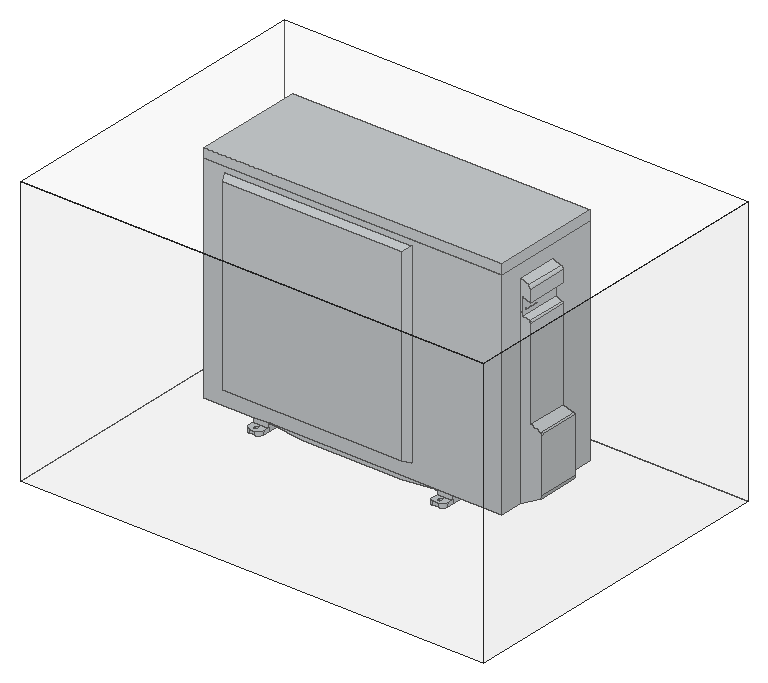
Revit family "puz-ermp40_63ska16_60hz", category 機械設備, Revit 2023 (continued)
Definition of nested family "PUZ-EZRMP-1"
  Lines and regions (mm)
    model lines, visible <- "タイプ1", detail levels fine
      curve 339: arc (-404.5, -15, 59) -> (-404.5, -11.464, 60.464) -> (-404.5, -10, 64) r 5
      curve 340: arc (-404.5, -95, 79) -> (-404.5, -98.536, 77.536) -> (-404.5, -100, 74) r 5
      curve 341: arc (-404.5, -100, 64) -> (-404.5, -98.536, 60.464) -> (-404.5, -95, 59) r 5
    model lines, visible <- "タイプ3", not visible
      curve 342: line (-404.5, -100, 907) -> (-404.5, -60, 907)
      curve 343: line (-404.5, -100, 1097) -> (-404.5, -100, 907)
      curve 344: line (-404.5, -60, 1097) -> (-404.5, -100, 1097)
      curve 345: line (-404.5, -60, 907) -> (-404.5, -60, 1097)
      curve 346: line (-404.5, 60, 907) -> (-404.5, 100, 907)
      curve 347: line (-404.5, 60, 1097) -> (-404.5, 60, 907)
      curve 348: line (-404.5, 100, 1097) -> (-404.5, 60, 1097)
      curve 349: line (-404.5, 100, 907) -> (-404.5, 100, 1097)
      curve 350: line (-404.5, -46.667, 907) -> (-404.5, -6.667, 907)
      curve 351: line (-404.5, -46.667, 1097) -> (-404.5, -46.667, 907)
      curve 352: line (-404.5, -6.667, 1097) -> (-404.5, -46.667, 1097)
      curve 353: line (-404.5, -6.667, 907) -> (-404.5, -6.667, 1097)
      curve 354: line (-404.5, 6.667, 907) -> (-404.5, 46.667, 907)
      curve 355: line (-404.5, 6.667, 1097) -> (-404.5, 6.667, 907)
      curve 356: line (-404.5, 46.667, 1097) -> (-404.5, 6.667, 1097)
      curve 357: line (-404.5, 46.667, 907) -> (-404.5, 46.667, 1097)
      curve 358: line (-404.5, -100, 1112) -> (-404.5, -60, 1112)
      curve 359: line (-404.5, -100, 1302) -> (-404.5, -100, 1112)
      curve 360: line (-404.5, -60, 1302) -> (-404.5, -100, 1302)
      curve 361: line (-404.5, -60, 1112) -> (-404.5, -60, 1302)
      curve 362: line (-404.5, 60, 1112) -> (-404.5, 100, 1112)
      curve 363: line (-404.5, 60, 1302) -> (-404.5, 60, 1112)
      curve 364: line (-404.5, 100, 1302) -> (-404.5, 60, 1302)
      curve 365: line (-404.5, 100, 1112) -> (-404.5, 100, 1302)
      curve 366: line (-404.5, -46.667, 1112) -> (-404.5, -6.667, 1112)
      curve 367: line (-404.5, -46.667, 1302) -> (-404.5, -46.667, 1112)
      curve 368: line (-404.5, -6.667, 1302) -> (-404.5, -46.667, 1302)
      curve 369: line (-404.5, -6.667, 1112) -> (-404.5, -6.667, 1302)
      curve 370: line (-404.5, 6.667, 1112) -> (-404.5, 46.667, 1112)
      curve 371: line (-404.5, 6.667, 1302) -> (-404.5, 6.667, 1112)
      curve 372: line (-404.5, 46.667, 1302) -> (-404.5, 6.667, 1302)
      curve 373: line (-404.5, 46.667, 1112) -> (-404.5, 46.667, 1302)
    model lines, visible <- "タイプ2", not visible
      curve 374: line (-600, -100, 33.5) -> (-600, -60, 33.5)
      curve 375: line (-600, -100, 73.5) -> (-600, -100, 33.5)
      curve 376: line (-600, -60, 73.5) -> (-600, -100, 73.5)
      curve 377: line (-600, -60, 33.5) -> (-600, -60, 73.5)
      curve 378: line (-600, 60, 33.5) -> (-600, 100, 33.5)
      curve 379: line (-600, 60, 73.5) -> (-600, 60, 33.5)
      curve 380: line (-600, 100, 73.5) -> (-600, 60, 73.5)
      curve 381: line (-600, 100, 33.5) -> (-600, 100, 73.5)
      curve 382: line (-509, -46.667, 33.5) -> (-509, -6.667, 33.5)
      curve 383: line (-509, -46.667, 73.5) -> (-509, -46.667, 33.5)
      curve 384: line (-509, -6.667, 73.5) -> (-509, -46.667, 73.5)
      curve 385: line (-509, -6.667, 33.5) -> (-509, -6.667, 73.5)
      curve 386: line (-509, 6.667, 33.5) -> (-509, 46.667, 33.5)
      curve 387: line (-509, 6.667, 73.5) -> (-509, 6.667, 33.5)
      curve 388: line (-509, 46.667, 73.5) -> (-509, 6.667, 73.5)
      curve 389: line (-509, 46.667, 33.5) -> (-509, 46.667, 73.5)
      curve 483: line (-404.5, -100, 33.5) -> (-404.5, -60, 33.5)
      curve 484: line (-404.5, -100, 73.5) -> (-404.5, -100, 33.5)
      curve 485: line (-404.5, -60, 73.5) -> (-404.5, -100, 73.5)
      curve 486: line (-404.5, -60, 33.5) -> (-404.5, -60, 73.5)
      curve 487: line (-404.5, 60, 33.5) -> (-404.5, 100, 33.5)
      curve 488: line (-404.5, 60, 73.5) -> (-404.5, 60, 33.5)
      curve 489: line (-404.5, 100, 73.5) -> (-404.5, 60, 73.5)
      curve 490: line (-404.5, 100, 33.5) -> (-404.5, 100, 73.5)
      curve 491: line (-404.5, -46.667, 33.5) -> (-404.5, -6.667, 33.5)
      curve 492: line (-404.5, -46.667, 73.5) -> (-404.5, -46.667, 33.5)
      curve 493: line (-404.5, -6.667, 73.5) -> (-404.5, -46.667, 73.5)
      curve 494: line (-404.5, -6.667, 33.5) -> (-404.5, -6.667, 73.5)
      curve 495: line (-404.5, 6.667, 33.5) -> (-404.5, 46.667, 33.5)
      curve 496: line (-404.5, 6.667, 73.5) -> (-404.5, 6.667, 33.5)
      curve 497: line (-404.5, 46.667, 73.5) -> (-404.5, 6.667, 73.5)
      curve 498: line (-404.5, 46.667, 33.5) -> (-404.5, 46.667, 73.5)
    model lines, not visible
      curve 390: line (-404.5, -100, 87) -> (-404.5, -60, 87)
      curve 391: line (-404.5, -100, 277) -> (-404.5, -100, 87)
      curve 392: line (-404.5, -60, 277) -> (-404.5, -100, 277)
      curve 393: line (-404.5, -60, 87) -> (-404.5, -60, 277)
      curve 394: line (-404.5, -100, 292) -> (-404.5, -60, 292)
      curve 395: line (-404.5, -100, 482) -> (-404.5, -100, 292)
      curve 396: line (-404.5, -60, 482) -> (-404.5, -100, 482)
      curve 397: line (-404.5, -60, 292) -> (-404.5, -60, 482)
      curve 398: line (-404.5, -100, 497) -> (-404.5, -60, 497)
      curve 399: line (-404.5, -100, 687) -> (-404.5, -100, 497)
      curve 400: line (-404.5, -60, 687) -> (-404.5, -100, 687)
      curve 401: line (-404.5, -60, 497) -> (-404.5, -60, 687)
      curve 402: line (-404.5, -100, 702) -> (-404.5, -60, 702)
      curve 403: line (-404.5, -100, 892) -> (-404.5, -100, 702)
      curve 404: line (-404.5, -60, 892) -> (-404.5, -100, 892)
      curve 405: line (-404.5, -60, 702) -> (-404.5, -60, 892)
      curve 406: line (-404.5, 60, 87) -> (-404.5, 100, 87)
      curve 407: line (-404.5, 60, 277) -> (-404.5, 60, 87)
      curve 408: line (-404.5, 100, 277) -> (-404.5, 60, 277)
      curve 409: line (-404.5, 100, 87) -> (-404.5, 100, 277)
      curve 410: line (-404.5, -46.667, 87) -> (-404.5, -6.667, 87)
      curve 411: line (-404.5, -46.667, 277) -> (-404.5, -46.667, 87)
      curve 412: line (-404.5, -6.667, 277) -> (-404.5, -46.667, 277)
      curve 413: line (-404.5, -6.667, 87) -> (-404.5, -6.667, 277)
      curve 414: line (-404.5, 6.667, 87) -> (-404.5, 46.667, 87)
      curve 415: line (-404.5, 6.667, 277) -> (-404.5, 6.667, 87)
      curve 416: line (-404.5, 46.667, 277) -> (-404.5, 6.667, 277)
      curve 417: line (-404.5, 46.667, 87) -> (-404.5, 46.667, 277)
      curve 418: line (-404.5, 60, 292) -> (-404.5, 100, 292)
      curve 419: line (-404.5, 60, 482) -> (-404.5, 60, 292)
      curve 420: line (-404.5, 100, 482) -> (-404.5, 60, 482)
      curve 421: line (-404.5, 100, 292) -> (-404.5, 100, 482)
      curve 422: line (-404.5, 60, 702) -> (-404.5, 100, 702)
      curve 423: line (-404.5, 60, 892) -> (-404.5, 60, 702)
      curve 424: line (-404.5, 100, 892) -> (-404.5, 60, 892)
      curve 425: line (-404.5, 100, 702) -> (-404.5, 100, 892)
      curve 426: line (-404.5, -46.667, 292) -> (-404.5, -6.667, 292)
      curve 427: line (-404.5, -46.667, 482) -> (-404.5, -46.667, 292)
      curve 428: line (-404.5, -6.667, 482) -> (-404.5, -46.667, 482)
      curve 429: line (-404.5, -6.667, 292) -> (-404.5, -6.667, 482)
      curve 430: line (-404.5, -46.667, 497) -> (-404.5, -6.667, 497)
      curve 431: line (-404.5, -46.667, 687) -> (-404.5, -46.667, 497)
      curve 432: line (-404.5, -6.667, 687) -> (-404.5, -46.667, 687)
      curve 433: line (-404.5, -6.667, 497) -> (-404.5, -6.667, 687)
      curve 434: line (-404.5, -46.667, 702) -> (-404.5, -6.667, 702)
      curve 435: line (-404.5, -46.667, 892) -> (-404.5, -46.667, 702)
      curve 436: line (-404.5, -6.667, 892) -> (-404.5, -46.667, 892)
      curve 437: line (-404.5, -6.667, 702) -> (-404.5, -6.667, 892)
      curve 438: line (-404.5, 6.667, 292) -> (-404.5, 46.667, 292)
      curve 439: line (-404.5, 6.667, 482) -> (-404.5, 6.667, 292)
      curve 440: line (-404.5, 46.667, 482) -> (-404.5, 6.667, 482)
      curve 441: line (-404.5, 46.667, 292) -> (-404.5, 46.667, 482)
      curve 442: line (-404.5, 6.667, 497) -> (-404.5, 46.667, 497)
      curve 443: line (-404.5, 6.667, 687) -> (-404.5, 6.667, 497)
      curve 444: line (-404.5, 46.667, 687) -> (-404.5, 6.667, 687)
      curve 445: line (-404.5, 46.667, 497) -> (-404.5, 46.667, 687)
      curve 446: line (-404.5, 6.667, 702) -> (-404.5, 46.667, 702)
      curve 447: line (-404.5, 6.667, 892) -> (-404.5, 6.667, 702)
      curve 448: line (-404.5, 46.667, 892) -> (-404.5, 6.667, 892)
      curve 449: line (-404.5, 46.667, 702) -> (-404.5, 46.667, 892)
      curve 450: line (-338.5, -173.2, 372.5) -> (149.5, -173.2, 372.5)
      curve 451: line (149.5, -173.2, 277.5) -> (-338.5, -173.2, 277.5)
      curve 452: line (-338.5, -173.2, 467.5) -> (149.5, -173.2, 467.5)
      curve 453: line (-338.5, -173.2, 562.5) -> (149.5, -173.2, 562.5)
      curve 454: line (149.5, -173.2, 182.5) -> (-338.5, -173.2, 182.5)
      curve 455: line (149.5, -173.2, 87.5) -> (-338.5, -173.2, 87.5)
      curve 456: line (-321.071, -173.2, 579) -> (-321.071, -173.2, 71)
      curve 457: line (132.071, -173.2, 71) -> (132.071, -173.2, 579)
      curve 458: line (-303.643, -173.2, 579) -> (-303.643, -173.2, 71)
      curve 459: line (-286.214, -173.2, 579) -> (-286.214, -173.2, 71)
      curve 460: line (-268.786, -173.2, 579) -> (-268.786, -173.2, 71)
      curve 461: line (-251.357, -173.2, 579) -> (-251.357, -173.2, 71)
      curve 462: line (-233.929, -173.2, 579) -> (-233.929, -173.2, 71)
      curve 463: line (-216.5, -173.2, 579) -> (-216.5, -173.2, 71)
      curve 464: line (-199.071, -173.2, 579) -> (-199.071, -173.2, 71)
      curve 465: line (-181.643, -173.2, 579) -> (-181.643, -173.2, 71)
      curve 466: line (-164.214, -173.2, 579) -> (-164.214, -173.2, 71)
      curve 467: line (-146.786, -173.2, 579) -> (-146.786, -173.2, 71)
      curve 468: line (-129.357, -173.2, 579) -> (-129.357, -173.2, 71)
      curve 469: line (-111.929, -173.2, 579) -> (-111.929, -173.2, 71)
      curve 470: line (-94.5, -173.2, 579) -> (-94.5, -173.2, 71)
      curve 471: line (-77.071, -173.2, 579) -> (-77.071, -173.2, 71)
      curve 472: line (-59.643, -173.2, 579) -> (-59.643, -173.2, 71)
      curve 473: line (-42.214, -173.2, 579) -> (-42.214, -173.2, 71)
      curve 474: line (-24.786, -173.2, 579) -> (-24.786, -173.2, 71)
      curve 475: line (-7.357, -173.2, 579) -> (-7.357, -173.2, 71)
      curve 476: line (10.071, -173.2, 579) -> (10.071, -173.2, 71)
      curve 477: line (27.5, -173.2, 579) -> (27.5, -173.2, 71)
      curve 478: line (44.929, -173.2, 579) -> (44.929, -173.2, 71)
      curve 479: line (62.357, -173.2, 579) -> (62.357, -173.2, 71)
      curve 480: line (79.786, -173.2, 579) -> (79.786, -173.2, 71)
      curve 481: line (97.214, -173.2, 579) -> (97.214, -173.2, 71)
      curve 482: line (114.643, -173.2, 579) -> (114.643, -173.2, 71)
    symbolic lines, visible <- "タイプ1"
      curve 499: line (-278.151, 150, 630) -> (-404.5, 150, 630)
      curve 500: line (-404.5, 150, 630) -> (-404.5, -5.599, 630)
      curve 501: line (-404.5, 40, 630) -> (-424.5, 30, 630)
      curve 502: line (-424.5, 30, 630) -> (-424.5, -30, 630)
      curve 503: line (-424.5, -30, 630) -> (-404.5, -40, 630)
      curve 504: line (-404.5, -5.599, 630) -> (-404.5, -150, 630)
      curve 505: line (-404.5, -150, 630) -> (-301.612, -150, 630)
      curve 506: arc (-272.806, -170, 630) -> (-268.124, -177.204, 630) -> (-260, -180, 630) r 13.2
      curve 507: line (-260, -180, 630) -> (-243.332, -180, 630)
      curve 508: arc (-243.332, -180, 630) -> (-235.208, -177.204, 630) -> (-230.526, -170, 630) r 13.2
      curve 509: line (-301.612, -150, 630) -> (280.999, -150, 630)
      curve 510: line (230, -150, 630) -> (230, -170, 630)
      curve 511: arc (230, -170, 630) -> (232.929, -177.071, 630) -> (240, -180, 630) r 10
      curve 512: line (240, -180, 630) -> (256.8, -180, 630)
      curve 513: arc (256.8, -180, 630) -> (266.134, -176.134, 630) -> (270, -166.8, 630) r 13.2
      curve 514: line (270, -166.8, 630) -> (270, -150, 630)
      curve 515: line (280.999, -150, 630) -> (404.5, -150, 630)
      curve 516: line (404.5, -150, 630) -> (404.5, -77.105, 630)
      curve 517: line (404.5, -90, 630) -> (466.5, -90, 630)
      curve 518: line (466.5, -90, 630) -> (466.5, 20, 630)
      curve 519: line (466.5, 20, 630) -> (404.5, 20, 630)
      curve 520: line (404.5, -77.105, 630) -> (404.5, 150, 630)
      curve 521: line (404.5, 150, 630) -> (308.975, 150, 630)
      curve 522: line (270, 150, 630) -> (270, 180, 630)
      curve 523: line (270, 180, 630) -> (230, 180, 630)
      curve 524: line (230, 180, 630) -> (230, 150, 630)
      curve 525: line (308.975, 150, 630) -> (-278.151, 150, 630)
      curve 526: line (-230, 150, 630) -> (-230, 180, 630)
      curve 527: line (-230, 180, 630) -> (-270, 180, 630)
      curve 528: line (-270, 180, 630) -> (-270, 150, 630)
      curve 529: line (-324.5, 100, 630) -> (324.5, 100, 630)
      curve 530: line (-324.5, 40, 630) -> (-324.5, 100, 630)
      curve 531: line (324.5, 40, 630) -> (-324.5, 40, 630)
      curve 532: line (324.5, 100, 630) -> (324.5, 40, 630)
      curve 533: line (324.5, 30, 630) -> (-324.5, 30, 630)
      curve 534: line (324.5, -30, 630) -> (324.5, 30, 630)
      curve 535: line (-324.5, -30, 630) -> (324.5, -30, 630)
      curve 536: line (-324.5, 30, 630) -> (-324.5, -30, 630)
      curve 537: line (-324.5, -40, 630) -> (324.5, -40, 630)
      curve 538: line (-324.5, -100, 630) -> (-324.5, -40, 630)
      curve 539: line (324.5, -100, 630) -> (-324.5, -100, 630)
      curve 540: line (324.5, -40, 630) -> (324.5, -100, 630)
      curve 541: line (339.5, 100, 630) -> (354.5, 100, 630)
      curve 542: line (339.5, -100, 630) -> (339.5, 100, 630)
      curve 543: line (354.5, -100, 630) -> (339.5, -100, 630)
      curve 544: line (354.5, 100, 630) -> (354.5, -100, 630)
      curve 545: line (-354.5, 100, 630) -> (-339.5, 100, 630)
      curve 546: line (-354.5, -100, 630) -> (-354.5, 100, 630)
      curve 547: line (-339.5, -100, 630) -> (-354.5, -100, 630)
      curve 548: line (-339.5, 100, 630) -> (-339.5, -100, 630)
      curve 549: line (-338.5, -170, 630) -> (149.5, -170, 630)
      curve 550: line (149.5, -170, 630) -> (159.5, -150, 630)
      curve 551: line (-348.5, -150, 630) -> (-338.5, -170, 630)
  Dimensions and locks
    equal spacing: plane 8, plane 1 "中心(正面/背面)", plane 7
    "奥行き": plane 8 to plane 7
    equal spacing: plane 5, plane 3 "中心(左/右)", plane 6
    "幅さ": plane 5 to plane 6
    "高さ": plane 4 to level
    locked: plane 6 to plane 9 at 62
    locked: plane 8 to plane 10 at 60
    locked: plane 8 to plane 11 at 170
    locked: plane 4 to plane 12 at 25
    locked: plane 13 to plane 5 at 20
    "吊りボルト-D": plane 17 to plane 16
    equal spacing: plane 17, plane 1 "中心(正面/背面)", plane 16
    equal spacing: plane 14, plane 3 "中心(左/右)", plane 15
    "吊りボルト-W": plane 14 to plane 15
    plane 21 to plane 14 to plane 20 = 20 mm locked, 20 mm locked
    plane 19 to plane 15 to plane 18 = 20 mm locked, 20 mm locked
    locked: plane 16 to plane 22 at 15
    locked: plane 23 to plane 17 at 15
    locked: plane 24 to level at 8.5
    locked: plane 25 to level at 20
    locked: plane 26 to plane 24 at 3
    locked: plane 4 to plane 29 at 5
    plane 7 to plane 1 "中心(正面/背面)" to plane 8 = 150 mm, 150 mm
    plane 31 to plane 1 "中心(正面/背面)" to plane 30 = 40 mm locked, 40 mm locked
    plane 33 to plane 1 "中心(正面/背面)" to plane 32 = 30 mm locked, 30 mm locked
    locked: plane 34 to plane 12 at 5
    locked: plane 35 to level at 55
    locked: plane 36 to level at 225
    equal spacing: plane 6, plane 39, plane 9
    locked: plane 6 to plane 38 at 10
    locked: plane 20 to plane 27 at 95
    locked: plane 28 to plane 19 at 95
    "換気-D": plane 40 to plane 8
    "換気-W": plane 41 to plane 5
    "換気-H1": plane 42 to level
    plane 43 to plane 41 to plane 44 = 254 mm locked, 254 mm locked
    plane 45 to plane 42 to plane 46 = 264 mm locked, 264 mm locked
    locked: plane 43 to plane 48 at 10
    locked: plane 47 to plane 44 at 10
    locked: plane 45 to plane 49 at 10
    locked: plane 50 to plane 46 at 10
    locked: curve 26 to plane 50 at 16.5
    locked: plane 49 to curve 24 at 16.5
    equal spacing: curve 24, curve 23, curve 21, curve 22, curve 25, curve 26
    equal spacing: plane 48, curve 28, curve 53, curve 52, curve 51, curve 50, curve 49, curve 48, curve 47, curve 46, curve 45, curve 44, curve 43, curve 42, curve 41, curve 40, curve 39, curve 38, curve 37, curve 36, curve 35, curve 34, curve 33, curve 32, curve 31, curve 30, curve 29, curve 27, plane 47
    locked: curve 4 to curve 6 at 10
    locked: curve 3 to curve 5 at 10
    locked: plane 51 to plane 7 at 50
    locked: plane 8 to plane 52 at 50
    equal spacing: group 1, group 2, group 3, group 4, group 5, group 6, group 7, group 8, group 9, group 10, group 11, group 12, group 13, group 14, group 15, group 16, group 17, group 18  (x2)
    equal spacing: group 18, group 17, group 16, group 15, group 14, group 13, group 12, group 11, group 10, group 9, group 8, group 7, group 6, group 5, group 4, group 3, group 2, group 1
    "ドレン管径-X": plane 5 to plane 53
    "ドレン管径-Y": plane 8 to plane 54
    "配線取出口-Y": plane 57 to plane 7
    "冷媒液管径-Y": plane 58 to plane 7
    "冷媒ガス管径-Y": plane 59 to plane 7
    "配線取出口-X": plane 3 "中心(左/右)" to plane 56
    "冷媒ガス管径-X": plane 3 "中心(左/右)" to plane 55
    "冷媒液管径-X": plane 3 "中心(左/右)" to plane 60
    "冷媒液管径-Z": plane 62 to level
    "冷媒ガス管径-Z": plane 61 to level
    "配線取出口-Z": plane 63 to level
    locked: plane 57 to plane 64 at 50
    locked: plane 65 to plane 61 at 37.8
    locked: plane 66 to plane 62 at 16.1
    equal spacing: plane 55, plane 67, plane 60
    equal spacing: plane 58, plane 68, plane 59
    "a": plane 69 "グループ" to plane 3 "中心(左/右)"
    plane 71 to level = 943 mm
    plane 70 to level = 1338 mm
    locked: plane 37 to level at 570
    curve 21 to plane 42 to curve 22 = 47.5 mm locked, 47.5 mm locked
    "換気-H2": plane 72 to plane 42
    plane 73 to plane 72 to plane 74 = 264 mm locked, 264 mm locked
    locked: plane 76 to plane 74 at 10
    locked: plane 73 to plane 75 at 10
    plane 48 to plane 47 = 488 mm
    plane 68 to plane 7 = 185.5 mm
    plane 61 to level = 99.5 mm
    plane 65 to plane 61 = 37.8 mm
    plane 62 to level = 164.5 mm
    plane 66 to plane 62 = 16.1 mm
    plane 68 to plane 77 to plane 78 = 23 mm locked, 17.5 mm locked
    plane 68 to plane 77 = 23 mm
    plane 77 to plane 78 = 17.5 mm
    equal spacing: plane 77, plane 79, plane 78
    "ドレン配管サイズ": diameter of Extrusion 3 sketch curve
    "配線取出口サイズ": diameter of Extrusion 9 sketch curve
    "吊りボルト-φ": diameter of Extrusion 10 sketch curve  (x4)
    "冷媒配管サイズ": diameter of Sweep 11 sketch curve
    "ガス配管サイズ": diameter of Sweep 12 sketch curve
    aligned and locked: level to plane 2
    aligned and locked: Extrusion 1 to level
    aligned and locked: plane 25 to Extrusion 1
    aligned and locked: Extrusion 2 sketch curve to plane 25
    aligned and locked: Extrusion 2 sketch curve to plane 26
    aligned and locked: Extrusion 2 to plane 7
    aligned and locked: plane 8 to Extrusion 2
    aligned and locked: Extrusion 3 to plane 26
    aligned and locked: Extrusion 3 to plane 24
    aligned and locked: Extrusion 4 sketch curve to plane 7
    aligned and locked: Extrusion 4 sketch curve to plane 8
    aligned and locked: Extrusion 4 sketch curve to plane 5
    aligned and locked: Extrusion 4 sketch curve to plane 6
    aligned and locked: Extrusion 4 to plane 25
    aligned and locked: plane 12 to Extrusion 4
    aligned and locked: Extrusion 5 sketch curve to Extrusion 4  (x4)
    aligned and locked: Extrusion 5 to plane 12
    aligned and locked: plane 4 to Extrusion 5
    aligned and locked: plane 29 to Blend 6 sketch curve
    aligned and locked: Blend 6 sketch curve to plane 31
    aligned and locked: Blend 6 sketch curve to plane 12  (x2)
    aligned and locked: plane 30 to Blend 6 sketch curve
    aligned and locked: plane 34 to Blend 6 sketch curve
    aligned and locked: Blend 6 sketch curve to plane 33
    aligned and locked: plane 32 to Blend 6 sketch curve
    aligned and locked: Blend 6 to plane 13
    aligned and locked: plane 5 to Blend 6
    aligned and locked: Extrusion 7 sketch curve to plane 6
    aligned and locked: Extrusion 7 sketch curve to plane 9
    aligned and locked: Extrusion 7 sketch curve to plane 39
    aligned and locked: Extrusion 7 sketch curve to Extrusion 7 sketch curve
    aligned and locked: Extrusion 7 sketch curve to plane 38
    aligned and locked: Extrusion 7 to plane 11
    aligned and locked: plane 10 to Extrusion 7
    aligned and locked: Blend 8 sketch curve to plane 45
    aligned and locked: Blend 8 sketch curve to plane 46
    aligned and locked: Blend 8 sketch curve to plane 44
    aligned and locked: Blend 8 sketch curve to plane 43
    aligned and locked: Blend 8 sketch curve to plane 49
    aligned and locked: Blend 8 sketch curve to plane 47
    aligned and locked: Blend 8 sketch curve to plane 48
    aligned and locked: Blend 8 sketch curve to plane 50
    aligned and locked: Blend 8 to plane 8
    aligned and locked: plane 40 to Blend 8
    aligned and locked: curve 17 to plane 51
    aligned and locked: curve 1 to plane 51
    aligned and locked: plane 51 to curve 19
    aligned and locked: curve 18 to plane 52
    aligned and locked: plane 52 to curve 2
    aligned and locked: plane 52 to curve 20
    aligned and locked: plane 53 to Extrusion 3 sketch curve
    aligned and locked: plane 54 to Extrusion 3 sketch curve
    aligned and locked: plane 63 to Extrusion 9 sketch curve
    aligned and locked: plane 56 to Extrusion 9 sketch curve
    aligned and locked: plane 57 to Extrusion 9
    aligned and locked: Extrusion 9 to plane 64
    aligned and locked: plane 22 to Extrusion 10 sketch curve  (x4)
    aligned and locked: plane 21 to Extrusion 10 sketch curve
    aligned and locked: Extrusion 2 to Extrusion 10 sketch curve  (x2)
    aligned and locked: Extrusion 10 sketch curve to Extrusion 1  (x6)
    aligned and locked: plane 19 to Extrusion 10 sketch curve
    aligned and locked: Extrusion 10 sketch curve to plane 23  (x2)
    aligned and locked: Extrusion 10 sketch curve to plane 18
    aligned and locked: Extrusion 10 sketch curve to plane 20
    aligned and locked: plane 16 to Extrusion 10 sketch curve  (x2)
    aligned and locked: plane 14 to Extrusion 10 sketch curve  (x2)
    aligned and locked: plane 17 to Extrusion 10 sketch curve  (x2)
    aligned and locked: plane 15 to Extrusion 10 sketch curve  (x2)
    aligned and locked: level to Extrusion 10
    aligned and locked: plane 24 to Extrusion 10
    aligned and locked: Masking region 1 sketch curve to Extrusion 5  (x4)
    aligned and locked: Masking region 1 sketch curve to Blend 6  (x3)
    aligned and locked: Masking region 1 sketch curve to Extrusion 7  (x2)
    aligned and locked: Masking region 1 sketch curve to plane 9
    aligned and locked: Masking region 1 sketch curve to Extrusion 10  (x8)
    aligned and locked: Masking region 1 to curve 499
    aligned and locked: curve 500 to Masking region 1
    aligned and locked: curve 501 to Masking region 1
    aligned and locked: curve 502 to Masking region 1
    aligned and locked: curve 503 to Masking region 1
    aligned and locked: curve 504 to Masking region 1
    aligned and locked: curve 505 to Masking region 1
    aligned and locked: curve 506 to Masking region 1
    aligned and locked: curve 508 to Masking region 1
    aligned and locked: curve 510 to Masking region 1
    aligned and locked: curve 511 to Masking region 1
    aligned and locked: curve 513 to Masking region 1
    aligned and locked: Masking region 1 to curve 515
    aligned and locked: curve 516 to Masking region 1
    aligned and locked: curve 517 to Masking region 1
    aligned and locked: curve 518 to Masking region 1
    aligned and locked: curve 519 to Masking region 1
    aligned and locked: curve 520 to Masking region 1
    aligned and locked: curve 521 to Masking region 1
    aligned and locked: curve 522 to Masking region 1
    aligned and locked: curve 523 to Masking region 1
    aligned and locked: curve 524 to Masking region 1
    aligned and locked: curve 525 to Masking region 1
    aligned and locked: curve 526 to Masking region 1
    aligned and locked: curve 527 to Masking region 1
    aligned and locked: curve 528 to Masking region 1
    aligned and locked: curve 532 to curve 12
    aligned and locked: Masking region 1 sketch curve to curve 21
    aligned and locked: Masking region 1 sketch curve to Blend 8  (x2)
    aligned and locked: curve 549 to Blend 8
    aligned and locked: curve 550 to Blend 8
    aligned and locked: curve 551 to Blend 8
    aligned and locked: plane 78 to Sweep 12 sketch curve
    aligned and locked: plane 58 to Sweep 12 sketch curve
    aligned and locked: plane 77 to Sweep 11 sketch curve
    aligned and locked: plane 58 to Sweep 11 sketch curve
    aligned and locked: plane 61 to Sweep 12 sketch curve
  Automatic sketch dimensions
    Extrusion 2 sketch curve to plane 20 = 0 mm
    Extrusion 2 sketch curve to plane 27 = 0 mm
    Extrusion 2 sketch curve to plane 28 = 0 mm
    Extrusion 2 sketch curve to plane 19 = 0 mm
    Extrusion 7 sketch curve to plane 39 = 0 mm
    Extrusion 7 sketch curve to plane 25 = 0 mm
    Extrusion 7 sketch curve to plane 36 = 0 mm
    Extrusion 7 sketch curve to plane 37 = 0 mm
    Extrusion 7 sketch curve to Extrusion 7 sketch curve = 10 mm
    Extrusion 7 sketch curve to plane 39 = 6.58 mm
    Extrusion 7 sketch curve to Extrusion 7 sketch curve = 5 mm  (x2)
    plane 39 to Extrusion 7 sketch curve = 21 mm
    Extrusion 7 sketch curve to plane 39 = 3.29 mm
    Extrusion 7 sketch curve to plane 9 = 3.29 mm
    Extrusion 7 sketch curve to plane 35 = 2.87 mm
    Extrusion 7 sketch curve to Extrusion 7 sketch curve = 81.633 mm
    Extrusion 7 sketch curve to Extrusion 7 sketch curve = 30.244 mm
    Extrusion 7 sketch curve to Extrusion 7 sketch curve = 7.643 mm
    plane 7 to Extrusion 1 sketch curve = 0 mm  (x2)
    Extrusion 1 sketch curve to plane 18 = 0 mm
    plane 8 to Extrusion 1 sketch curve = 0 mm  (x2)
    Extrusion 1 sketch curve to plane 19 = 0 mm
    Extrusion 1 sketch curve to plane 20 = 0 mm
    Extrusion 1 sketch curve to plane 21 = 0 mm
    curve 383 to curve 384 = 40 mm
    curve 382 to curve 386 = 13.333 mm
    curve 386 to curve 386 = 40 mm
    curve 382 to curve 389 = 0 mm
    curve 382 to curve 384 = 40 mm
    curve 384 to curve 387 = 0 mm
    curve 375 to curve 376 = 40 mm
    curve 374 to curve 378 = 120 mm
    curve 378 to curve 378 = 40 mm
    curve 374 to curve 381 = 0 mm
    curve 374 to curve 376 = 40 mm
    curve 378 to curve 379 = 40 mm
    curve 25 to plane 47 = 0 mm
    curve 24 to plane 47 = 0 mm
    curve 22 to plane 47 = 0 mm
    curve 23 to plane 47 = 0 mm
    curve 26 to plane 47 = 0 mm
    curve 21 to plane 47 = 0 mm
    curve 24 to plane 48 = 0 mm
    curve 25 to plane 48 = 0 mm
    curve 26 to plane 48 = 0 mm
    curve 23 to plane 48 = 0 mm
    curve 22 to plane 48 = 0 mm
    curve 21 to plane 48 = 0 mm
    curve 37 to plane 50 = 0 mm
    curve 52 to plane 50 = 0 mm
    curve 51 to plane 50 = 0 mm
    curve 50 to plane 50 = 0 mm
    curve 49 to plane 50 = 0 mm
    curve 48 to plane 50 = 0 mm
    curve 47 to plane 50 = 0 mm
    curve 46 to plane 50 = 0 mm
    curve 45 to plane 50 = 0 mm
    curve 44 to plane 50 = 0 mm
    curve 43 to plane 50 = 0 mm
    curve 42 to plane 50 = 0 mm
    curve 41 to plane 50 = 0 mm
    curve 27 to plane 50 = 0 mm
    curve 28 to plane 50 = 0 mm
    curve 40 to plane 50 = 0 mm
    curve 39 to plane 50 = 0 mm
    curve 29 to plane 50 = 0 mm
    curve 38 to plane 50 = 0 mm
    curve 30 to plane 50 = 0 mm
    curve 53 to plane 50 = 0 mm
    curve 31 to plane 50 = 0 mm
    curve 36 to plane 50 = 0 mm
    curve 32 to plane 50 = 0 mm
    curve 35 to plane 50 = 0 mm
    curve 33 to plane 50 = 0 mm
    curve 34 to plane 50 = 0 mm
    curve 28 to plane 49 = 0 mm
    curve 41 to plane 49 = 0 mm
    curve 27 to plane 49 = 0 mm
    curve 42 to plane 49 = 0 mm
    curve 31 to plane 49 = 0 mm
    curve 40 to plane 49 = 0 mm
    curve 37 to plane 49 = 0 mm
    curve 39 to plane 49 = 0 mm
    curve 32 to plane 49 = 0 mm
    curve 45 to plane 49 = 0 mm
    curve 36 to plane 49 = 0 mm
    curve 46 to plane 49 = 0 mm
    curve 43 to plane 49 = 0 mm
    curve 47 to plane 49 = 0 mm
    curve 29 to plane 49 = 0 mm
    curve 48 to plane 49 = 0 mm
    curve 30 to plane 49 = 0 mm
    curve 49 to plane 49 = 0 mm
    curve 44 to plane 49 = 0 mm
    curve 50 to plane 49 = 0 mm
    curve 33 to plane 49 = 0 mm
    curve 51 to plane 49 = 0 mm
    curve 35 to plane 49 = 0 mm
    curve 52 to plane 49 = 0 mm
    curve 38 to plane 49 = 0 mm
    curve 53 to plane 49 = 0 mm
    curve 34 to plane 49 = 0 mm
    Masking region 1 sketch curve to plane 5 = 0 mm
    Masking region 1 sketch curve to plane 6 = 0 mm
    plane 7 to Masking region 1 sketch curve = 0 mm  (x2)
    Masking region 1 sketch curve to plane 15 = 10 mm
    Masking region 1 sketch curve to plane 19 = 0 mm
    plane 8 to Masking region 1 sketch curve = 0 mm  (x2)
    plane 32 to curve 535 = 0 mm
    plane 33 to curve 534 = 0 mm
    curve 541 to plane 56 = 45.5 mm
    curve 13 to curve 20 = 15 mm
    plane 18 to curve 535 = 54.5 mm
    curve 532 to curve 6 = 0 mm
    curve 537 to curve 5 = 0 mm
    plane 47 to curve 536 = 14 mm
    plane 47 to curve 538 = 14 mm
    plane 47 to curve 1 = 14 mm
    curve 16 to plane 47 = 1 mm
    curve 15 to plane 44 = 6 mm
    plane 1 "中心(正面/背面)" to curve 504 = 5.599 mm
    curve 528 to curve 499 = 8.151 mm
    curve 521 to curve 522 = 38.975 mm
    curve 516 to plane 10 = 12.895 mm
    curve 515 to curve 514 = 10.999 mm
    plane 40 to Masking region 1 sketch curve = 0 mm
    Masking region 1 sketch curve to plane 40 = 3.2 mm  (x2)
    Masking region 1 sketch curve to plane 14 = 10 mm
    Masking region 1 sketch curve to plane 20 = 0.526 mm
    curve 509 to plane 21 = 31.612 mm
    Sweep 12 sketch curve to plane 65 = 0 mm
    Sweep 11 sketch curve to plane 62 = 0 mm
    Sweep 11 sketch curve to plane 66 = 0 mm
    plane 40 to Extrusion 10 sketch curve = 0 mm
    plane 17 to Extrusion 10 sketch curve = 0 mm  (x2)
    Extrusion 10 sketch curve to Extrusion 10 sketch curve = 1.8 mm  (x3)
    plane 17 to Extrusion 10 sketch curve = 1.8 mm  (x2)
    Extrusion 10 sketch curve to Extrusion 10 sketch curve = 0 mm
    Sweep 11 sketch curve to plane 67 = 0 mm
    Sweep 11 sketch curve to profile plane = 0 mm
    Sweep 12 sketch curve to plane 67 = 0 mm
    Sweep 12 sketch curve to profile plane = 0 mm
Definition of nested family "固定点"
  Parameters (values of type "固定点")
    Default Elevation = 0 mm
    中心円 = if(W > 599 mm, 12 mm, 10 mm)  # 12 mm
    W = 1000 mm
    D = 1000 mm
  Reference planes
    plane 1 "中心(正面/背面)": y = 0
    plane 2: z = 0
    plane 3 "中心(左/右)": x = 0
    plane 4: x = 1000
    plane 5: y = 1000
  Lines and regions (mm)
    symbolic lines, detail levels fine
      curve 1: circle (0, 1000, 0) r 6 normal (0, 0, 1)
      curve 2: circle (0, 0, 0) r 6 normal (0, 0, 1)
      curve 3: circle (1000, 1000, 0) r 6 normal (0, 0, 1)
      curve 4: circle (1000, 0, 0) r 6 normal (0, 0, 1)
      curve 5: line (-200, 1000, 0) -> (1200, 1000, 0)
      curve 6: line (-200, 0, 0) -> (1200, 0, 0)
      curve 7: line (0, 1200, 0) -> (0, -200, 0)
      curve 8: line (1000, 1200, 0) -> (1000, -200, 0)
  Dimensions and locks
    "W": plane 3 "中心(左/右)" to plane 4
    "D": plane 1 "中心(正面/背面)" to plane 5
    "中心円": diameter of curve 1
    "中心円": diameter of curve 2
    "中心円": diameter of curve 3
    "中心円": diameter of curve 4
    aligned and locked: level to plane 2
    aligned and locked: plane 5 to curve 1
    aligned and locked: plane 3 "中心(左/右)" to curve 1
    aligned and locked: plane 3 "中心(左/右)" to curve 2
    aligned and locked: plane 1 "中心(正面/背面)" to curve 2
    aligned and locked: plane 4 to curve 3
    aligned and locked: plane 5 to curve 3
    aligned and locked: plane 1 "中心(正面/背面)" to curve 4
    aligned and locked: plane 4 to curve 4
    aligned and locked: plane 1 "中心(正面/背面)" to curve 6
    aligned and locked: curve 7 to plane 3 "中心(左/右)"
    aligned and locked: curve 8 to plane 4
  Automatic sketch dimensions
    curve 5 to plane 5 = 0 mm
    curve 6 to plane 3 "中心(左/右)" = 200 mm
    curve 5 to plane 3 "中心(左/右)" = 200 mm
    curve 4 to curve 6 = 200 mm
    curve 3 to curve 5 = 200 mm
    plane 1 "中心(正面/背面)" to curve 8 = 200 mm
    plane 1 "中心(正面/背面)" to curve 7 = 200 mm
    curve 3 to curve 8 = 200 mm
    curve 1 to curve 7 = 200 mm
Types (30, lengths in mm): name | 音響パワーレベル_暖房 (dB) | 音響パワーレベル_冷房 (dB) | 音響パワーレベル(dB) | 電動機出力_圧縮機 | 質量 | 製品質量 | 相 | 本体マテリアル | 最小電線太さ_mm2 | 暖房能力 | 推奨ブレーカー容量 | 周波数 | 冷房能力 | モデル | URL
  PUZ-ERMP40SKA16 | 66 | 64 | 66 | 0.7 kW | 45.60 kg | 38.00 kg | 1 | none | 2 | 4 kW | 15 A | 60 Hz | 3.6 kW | "PUZ-ERMP40SKA16" | "https://www.mitsubishielectric.co.jp/ldg/wink/qr/002/364574"
  PUZ-ERMP40KA16 | 66 | 64 | 66 | 0.7 kW | 45.60 kg | 38.00 kg | 3 | Galvanized steel plate | 2 | 4 kW | 15 A | 60 Hz | 3.6 kW | "PUZ-ERMP40KA16" | "https://www.mitsubishielectric.co.jp/ldg/wink/qr/002/364573"
  PUZ-ERMP45SKA16 | 66 | 64 | 66 | 0.9 kW | 48.00 kg | 40.00 kg | 1 | none | 3.5 | 4.5 kW | 20 A | 60 Hz | 4 kW | "PUZ-ERMP45SKA16" | "https://www.mitsubishielectric.co.jp/ldg/wink/qr/002/364580"
  PUZ-ERMP45KA16 | 66 | 64 | 66 | 0.9 kW | 45.60 kg | 38.00 kg | 3 | none | 2 | 4.5 kW | 15 A | 60 Hz | 4 kW | "PUZ-ERMP45KA16" | "https://www.mitsubishielectric.co.jp/ldg/wink/qr/002/364579"
  PUZ-ERMP50SKA16 | 67 | 65 | 67 | 1 kW | 48.00 kg | 40.00 kg | 1 | none | 3.5 | 5 kW | 20 A | 60 Hz | 4.5 kW | "PUZ-ERMP50SKA16" | "https://www.mitsubishielectric.co.jp/ldg/wink/qr/002/364586"
  PUZ-ERMP50KA16 | 67 | 65 | 67 | 1 kW | 45.60 kg | 38.00 kg | 3 | none | 2 | 5 kW | 15 A | 60 Hz | 4.5 kW | "PUZ-ERMP50KA16" | "https://www.mitsubishielectric.co.jp/ldg/wink/qr/002/364585"
  PUZ-ERMP56SKA16 | 67 | 65 | 67 | 1.2 kW | 48.00 kg | 40.00 kg | 1 | none | 3.5 | 5.6 kW | 20 A | 60 Hz | 5 kW | "PUZ-ERMP56SKA16" | "https://www.mitsubishielectric.co.jp/ldg/wink/qr/002/364592"
  PUZ-ERMP56KA16 | 67 | 65 | 67 | 1.2 kW | 45.60 kg | 38.00 kg | 3 | none | 2 | 5.6 kW | 15 A | 60 Hz | 5 kW | "PUZ-ERMP56KA16" | "https://www.mitsubishielectric.co.jp/ldg/wink/qr/002/364591"
  PUZ-ERMP63SKA16 | 67 | 65 | 67 | 1.3 kW | 48.00 kg | 40.00 kg | 1 | none | 3.5 | 6.3 kW | 30 A | 60 Hz | 5.6 kW | "PUZ-ERMP63SKA16" | "https://www.mitsubishielectric.co.jp/ldg/wink/qr/002/364598"
  PUZ-ERMP63KA16 | 67 | 65 | 67 | 1.3 kW | 46.80 kg | 39.00 kg | 3 | none | 2 | 6.3 kW | 15 A | 60 Hz | 5.6 kW | "PUZ-ERMP63KA16" | "https://www.mitsubishielectric.co.jp/ldg/wink/qr/002/364597"
  PUZ-ERMP63SKA16-BS | 67 | 65 | 67 | 1.3 kW | 48.00 kg | 40.00 kg | 1 | none | 3.5 | 6.3 kW | 30 A | 60 Hz | 5.6 kW | "PUZ-ERMP63SKA16-BS" | "https://www.mitsubishielectric.co.jp/ldg/wink/qr/002/364601"
  PUZ-ERMP63SKA16-BSG | 67 | 65 | 67 | 1.3 kW | 48.00 kg | 40.00 kg | 1 | none | 3.5 | 6.3 kW | 30 A | 60 Hz | 5.6 kW | "PUZ-ERMP63SKA16-BSG" | "https://www.mitsubishielectric.co.jp/ldg/wink/qr/002/364602"
  PUZ-ERMP63KA16-BS | 67 | 65 | 67 | 1.3 kW | 46.80 kg | 39.00 kg | 3 | none | 2 | 6.3 kW | 15 A | 60 Hz | 5.6 kW | "PUZ-ERMP63KA16-BS" | "https://www.mitsubishielectric.co.jp/ldg/wink/qr/002/364599"
  PUZ-ERMP63KA16-BSG | 67 | 65 | 67 | 1.3 kW | 46.80 kg | 39.00 kg | 3 | none | 2 | 6.3 kW | 15 A | 50 Hz | 5.6 kW | "PUZ-ERMP63KA16-BSG" | "https://www.mitsubishielectric.co.jp/ldg/wink/qr/002/364600"
  PUZ-ERMP56SKA16-BS | 67 | 65 | 67 | 1.2 kW | 48.00 kg | 40.00 kg | 1 | none | 3.5 | 5.6 kW | 20 A | 50 Hz | 5 kW | "PUZ-ERMP56SKA16-BS" | "https://www.mitsubishielectric.co.jp/ldg/wink/qr/002/364595"
  PUZ-ERMP56SKA16-BSG | 67 | 65 | 67 | 1.2 kW | 48.00 kg | 40.00 kg | 1 | none | 3.5 | 5.6 kW | 20 A | 60 Hz | 5 kW | "PUZ-ERMP56SKA16-BSG" | "https://www.mitsubishielectric.co.jp/ldg/wink/qr/002/364596"
  PUZ-ERMP56KA16-BS | 67 | 65 | 67 | 1.2 kW | 45.60 kg | 38.00 kg | 3 | none | 2 | 5.6 kW | 15 A | 60 Hz | 5 kW | "PUZ-ERMP56KA16-BS" | "https://www.mitsubishielectric.co.jp/ldg/wink/qr/002/364593"
  PUZ-ERMP56KA16-BSG | 67 | 65 | 67 | 1.2 kW | 45.60 kg | 38.00 kg | 3 | none | 2 | 5.6 kW | 15 A | 60 Hz | 5 kW | "PUZ-ERMP56KA16-BSG" | "https://www.mitsubishielectric.co.jp/ldg/wink/qr/002/364594"
  PUZ-ERMP50SKA16-BS | 67 | 65 | 67 | 1 kW | 48.00 kg | 40.00 kg | 1 | none | 3.5 | 5 kW | 20 A | 60 Hz | 4.5 kW | "PUZ-ERMP50SKA16-BS" | "https://www.mitsubishielectric.co.jp/ldg/wink/qr/002/364589"
  PUZ-ERMP50SKA16-BSG | 67 | 65 | 67 | 1 kW | 48.00 kg | 40.00 kg | 1 | none | 3.5 | 5 kW | 20 A | 60 Hz | 4.5 kW | "PUZ-ERMP50SKA16-BSG" | "https://www.mitsubishielectric.co.jp/ldg/wink/qr/002/364590"
  PUZ-ERMP50KA16-BS | 67 | 65 | 67 | 1 kW | 45.60 kg | 38.00 kg | 3 | none | 2 | 5 kW | 15 A | 60 Hz | 4.5 kW | "PUZ-ERMP50KA16-BS" | "https://www.mitsubishielectric.co.jp/ldg/wink/qr/002/364587"
  PUZ-ERMP50KA16-BSG | 67 | 65 | 67 | 1 kW | 45.60 kg | 38.00 kg | 3 | none | 2 | 5 kW | 15 A | 60 Hz | 4.5 kW | "PUZ-ERMP50KA16-BSG" | "https://www.mitsubishielectric.co.jp/ldg/wink/qr/002/364588"
  PUZ-ERMP45SKA16-BS | 66 | 64 | 66 | 0.9 kW | 48.00 kg | 40.00 kg | 1 | none | 3.5 | 4.5 kW | 20 A | 50 Hz | 4 kW | "PUZ-ERMP45SKA16-BS" | "https://www.mitsubishielectric.co.jp/ldg/wink/qr/002/364583"
  PUZ-ERMP45SKA16-BSG | 66 | 64 | 66 | 0.9 kW | 48.00 kg | 40.00 kg | 1 | none | 3.5 | 4.5 kW | 20 A | 60 Hz | 4 kW | "PUZ-ERMP45SKA16-BSG" | "https://www.mitsubishielectric.co.jp/ldg/wink/qr/002/364584"
  PUZ-ERMP45KA16-BS | 66 | 64 | 66 | 0.9 kW | 45.60 kg | 38.00 kg | 3 | none | 2 | 4.5 kW | 15 A | 60 Hz | 4 kW | "PUZ-ERMP45KA16-BS" | "https://www.mitsubishielectric.co.jp/ldg/wink/qr/002/364581"
  PUZ-ERMP45KA16-BSG | 66 | 64 | 66 | 0.9 kW | 45.60 kg | 38.00 kg | 3 | none | 2 | 4.5 kW | 15 A | 60 Hz | 4 kW | "PUZ-ERMP45KA16-BSG" | "https://www.mitsubishielectric.co.jp/ldg/wink/qr/002/364582"
  PUZ-ERMP40SKA16-BS | 66 | 64 | 66 | 0.7 kW | 48.00 kg | 40.00 kg | 1 | none | 3.5 | 4 kW | 20 A | 60 Hz | 3.6 kW | "PUZ-ERMP40SKA16-BS" | "https://www.mitsubishielectric.co.jp/ldg/wink/qr/002/364577"
  PUZ-ERMP40SKA16-BSG | 66 | 64 | 66 | 0.7 kW | 48.00 kg | 40.00 kg | 1 | none | 3.5 | 4 kW | 20 A | 50 Hz | 3.6 kW | "PUZ-ERMP40SKA16-BSG" | "https://www.mitsubishielectric.co.jp/ldg/wink/qr/002/364578"
  PUZ-ERMP40KA16-BS | 66 | 64 | 66 | 0.7 kW | 45.60 kg | 38.00 kg | 3 | none | 2 | 4 kW | 15 A | 60 Hz | 3.6 kW | "PUZ-ERMP40KA16-BS" | "https://www.mitsubishielectric.co.jp/ldg/wink/qr/002/364575"
  PUZ-ERMP40KA16-BSG | 66 | 64 | 66 | 0.7 kW | 45.60 kg | 38.00 kg | 3 | none | 2 | 4 kW | 15 A | 60 Hz | 3.6 kW | "PUZ-ERMP40KA16-BSG" | "https://www.mitsubishielectric.co.jp/ldg/wink/qr/002/364576"
